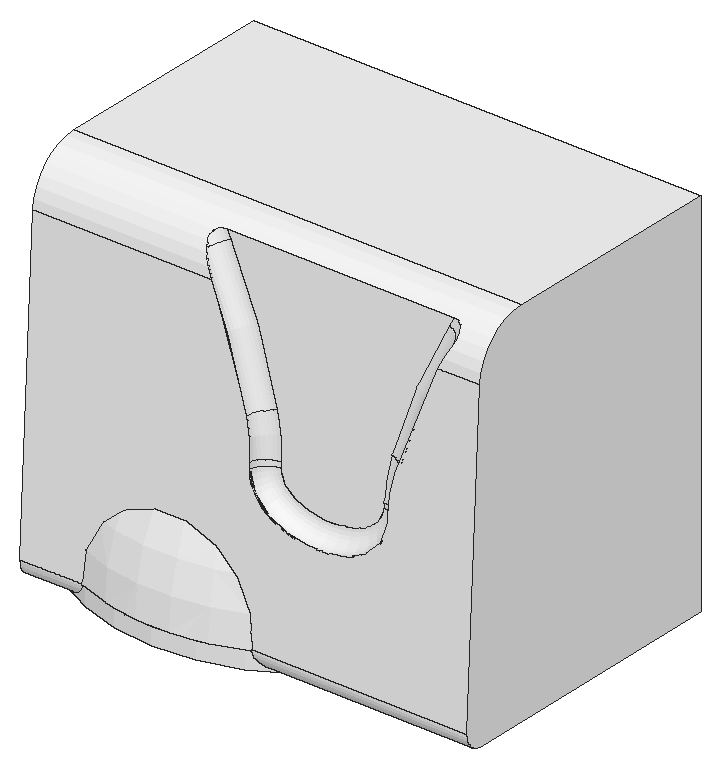
Revit family "Hand Dryer_Metlam_ABS", category Specialty Equipment, Revit 2016
Family settings
  Part Type = Normal
  Round Connector Dimension = Use Diameter
  OmniClass Number = 23.40.20.21.14
  OmniClass Title = Hand and Hair Dryers
  Work Plane-Based = No
  Always vertical = Yes
  Cut with Voids When Loaded = No
  Shared = No
  Room Calculation Point = Yes
Parameters (values of type "260w x 180d x 217h (ML_1800_WHT)")
  Voltage = 240 V
  URL = "http://www.metlam.com.au/"
  Type Comments = "Hand Dryers"  # constant formula
  Model = "ML_1800_WHT"
  Material_ANZRS = z_Metlam_White
  Manufacturer_URL__Product Specific = "https://www.metlam.com.au/product/content/hand-dryers/ML_1800_WHT"
  Manufacturer_Spec Code = Model  # "ML_1800_WHT"
  Manufacturer_Overall Width = 260 mm  # constant formula
  Manufacturer_Overall Height = 217 mm  # constant formula
  Manufacturer_Overall Depth = 180 mm  # constant formula
  Manufacturer_Height From FFL [instance] = 1100 mm
  Manufacturer = "Metlam"  # constant formula
  Description = "Auto Operation ABS Hand Dryer"
  CreatedBy_ANZRS = "IGS BIM Solutions"  # constant formula
  CreatedByURL_ANZRS = "http://www.igsgroup.com.au/"
  Assembly Code = ""
Reference planes
  plane 1 "Back": y = 0
  plane 2 "Ref. Level": z = 0
  plane 3 "Center (Left/Right)": x = 0
  plane 4 "Right": x = 130
  plane 5 "Left": x = -130
  plane 6 "Bottom": z = 1100
  plane 7 "Top": z = 1317
  plane 8 "Front": y = -180
  plane 9 "Air Outlet_Centre (Left/Right)": x = -44.797
  plane 10 "Body_Front": y = -169.462
Forms (mm)
  Extrusion 1, solid, material "z_Metlam_White" <- "Material_ANZRS"
    sketch origin (-44.797, 0, 0) x (0, 0, 1) y (0, -1, 0)
      loop
        line (1288.57, 160.117) -> (1110.523, 169.448)
        arc (1110.523, 169.448) -> (1103.116, 166.716) -> (1100, 159.462) r 10
        line (1100, 159.462) -> (1100, 0) -> (1317, 0) -> (1317, 130.159)
        arc (1317, 130.159) -> (1308.761, 150.809) -> (1288.57, 160.117) r 30
    from -85.203 to 174.797
  Extrusion 2, void
    sketch origin (113.993, -1350.842, 1100) x (0, 1, 0) y (-1, 0, 0)
      loop
        line (1192.213, 123.051) -> (1237.842, 123.051)
        arc (1237.842, 123.051) -> (1239.963, 123.93) -> (1240.842, 126.051) r 3
        line (1240.842, 126.051) -> (1240.842, 191.529)
        arc (1240.842, 191.529) -> (1239.963, 193.65) -> (1237.842, 194.529) r 3
        line (1237.842, 194.529) -> (1192.213, 194.529)
        arc (1192.213, 194.529) -> (1186.272, 192.573) -> (1182.656, 187.471) r 10
        arc (1182.656, 187.471) -> (1178.342, 158.79) -> (1182.656, 130.109) r 97.5
        arc (1182.656, 130.109) -> (1186.272, 125.007) -> (1192.213, 123.051) r 10
    from 0 to 24.378
  Revolve 3, solid, material "z_Metlam_White" <- "Material_ANZRS"
    sketch origin (-44.797, 0, 0) x (0, 0, 1) y (0, 1, 0)
      loop
        line (1100, -60) -> (1100, -180) -> (1110, -180)
        arc (1110, -180) -> (1137.54, -176.619) -> (1163.443, -166.675) r 113.837
        line (1163.443, -166.675) -> (1163.443, -60) -> (1100, -60)
      axis (1100, -60) -> (1163.443, -60)
    angle from 45 to -45
  Sweep 4, void
    path origin (-366.361, -158.838, 1312.984) x (0, -0.052336, -0.99863) y (1, 0, 0)
      loop
        line (-28.458, 323.505) -> (6.646, 342.512)
        arc (6.646, 342.512) -> (44.097, 359.975) -> (83.366, 372.836) r 345
        arc (83.366, 372.836) -> (95.949, 375.288) -> (108.742, 376.109) r 100
        line (108.742, 376.109) -> (111.96, 376.109)
        spline (111.96, 376.109) -> (116.489, 377.132) -> (120.71, 380.129) -> (124.334, 384.896) -> (127.115, 391.109) -> (128.863, 398.345) -> (129.46, 406.109) -> (128.863, 413.874) -> (127.115, 421.109) -> (124.334, 427.323) -> (120.71, 432.09) -> (116.489, 435.087) -> (111.96, 436.109)
        line (111.96, 436.109) -> (108.742, 436.109)
        arc (108.742, 436.109) -> (95.949, 436.931) -> (83.366, 439.383) r 100
        arc (83.366, 439.383) -> (44.097, 452.243) -> (6.646, 469.707) r 345
        line (6.646, 469.707) -> (-28.458, 488.714)
    profile origin (39.749, -165.613, 1183.702) x (0, 0.052336, 0.99863) y (0, -0.99863, 0.052336)
      loop
        arc (0, 10) -> (-10, 0) -> (0, -10) r 10
        line (0, -10) -> (0, 10)
  Extrusion 5, void
    sketch origin (-366.361, -158.838, 1312.984) x (0, 0.052336, 0.99863) y (1, 0, 0)
      loop
        line (-111.96, 376.109) -> (-108.742, 376.109)
        arc (-108.742, 376.109) -> (-95.949, 375.288) -> (-83.366, 372.836) r 100
        arc (-83.366, 372.836) -> (-44.097, 359.975) -> (-6.646, 342.512) r 345
        line (-6.646, 342.512) -> (28.458, 323.505) -> (28.458, 488.714) -> (-6.646, 469.707)
        arc (-6.646, 469.707) -> (-44.097, 452.243) -> (-83.366, 439.383) r 345
        arc (-83.366, 439.383) -> (-95.949, 436.931) -> (-108.742, 436.109) r 100
        line (-108.742, 436.109) -> (-111.96, 436.109)
        spline (-111.96, 436.109) -> (-116.489, 435.086) -> (-120.709, 432.089) -> (-124.334, 427.323) -> (-127.114, 421.108) -> (-128.862, 413.874) -> (-129.46, 406.109) -> (-128.862, 398.345) -> (-127.114, 391.11) -> (-124.334, 384.896) -> (-120.709, 380.13) -> (-116.489, 377.133) -> (-111.96, 376.109)
    from -5 to 10
  Extrusion 6, void
    sketch origin (0, 0, 1100) x (-1, 0, 0) y (0, -1, 0)
      loop
        line (-110, 2) -> (-102.5, 2) -> (-102.5, 8.25)
        arc (-102.5, 8.25) -> (-106.25, 12) -> (-110, 8.25) r 3.75
        line (-110, 8.25) -> (-110, 2)
    from 0 to 10
Cuts and joins
  Extrusion 2, Sweep 4, Extrusion 5, Extrusion 6 cuts Extrusion 1
  Extrusion 2, Extrusion 6 cuts Revolve 3
  joined: Extrusion 1, Revolve 3
Lines and regions (mm)
  Masking region 1
    outline origin (0, 0, 1317) x (-1, 0, 0) y (0, -1, 0)
      loop
        line (130.389, 0) -> (130.389, 169.462) -> (93.97, 169.462)
        arc (93.97, 169.462) -> (44.797, 180) -> (-4.377, 169.462) r 120
        line (-4.377, 169.462) -> (-130, 169.462) -> (-130, 0) -> (130.389, 0)
  symbolic lines, style "Bathroom Fixtures", detail levels medium+fine
    curve 1: line (-93.998, -169.448, 1317) -> (4.404, -169.448, 1317)
  model lines, style "InvisibleLines"
    curve 2: line (0, 0, 1317) -> (0, 0, 0)
Text (mm)
  text "> Contact Manufacturer to confirm feasibility of design variations outside the scope of this Revit Family\n\n\n\nDisclaimer:\n\nDue to ongoing product development and manufacturing evolution, product details are subject to change without notice. Please refer to product technical data sheets on the manufacturer’s website for the most current product information. Please allow a +/- 5mm manufacturing tolerance for dimensions and set-outs shown in product literature." at (779.995, 193.369, 0), in view "Ref. Level_Instruction"
Dimensions and locks
  "Manufacturer_Height From FFL": plane 6 "Bottom" to plane 2 "Ref. Level"
  "Manufacturer_Overall Height": plane 7 "Top" to plane 6 "Bottom"
  "Manufacturer_Overall Width": plane 5 "Left" to plane 4 "Right"
  "Manufacturer_Overall Depth": plane 8 "Front" to plane 1 "Back"
  equal spacing: plane 5 "Left", plane 3 "Center (Left/Right)", plane 4 "Right"
  locked: plane 10 "Body_Front" to plane 1 "Back" at 169.462
  aligned and locked: level to plane 2 "Ref. Level"
  aligned and locked: Extrusion 1 to plane 5 "Left"
  aligned and locked: Extrusion 1 to plane 4 "Right"
Automatic sketch dimensions
  Extrusion 1 sketch curve to plane 6 "Bottom" = 0 mm
  Extrusion 1 sketch curve to plane 1 "Back" = 0 mm
  Extrusion 1 sketch curve to plane 7 "Top" = 0 mm
  Extrusion 1 sketch curve to Extrusion 1 sketch curve = 10 mm
  Extrusion 1 sketch curve to Extrusion 1 sketch curve = 0.523 mm
  plane 7 "Top" to Extrusion 1 sketch curve = 30 mm
  plane 7 "Top" to Extrusion 1 sketch curve = 28.43 mm
  plane 8 "Front" to Extrusion 1 sketch curve = 49.841 mm
  plane 8 "Front" to Extrusion 1 sketch curve = 20.538 mm
  Sweep 4 sketch curve to Extrusion 1 = 17.802 mm  (x2)
  Extrusion 1 to Sweep 4 sketch curve = 84.294 mm  (x2)
  Sweep 4 sketch curve to Sweep 4 sketch curve = 3.217 mm
  Extrusion 1 to Sweep 4 sketch curve = 31.826 mm  (x2)
  Sweep 4 sketch curve to Extrusion 1 = 197.232 mm
  Extrusion 1 to Sweep 4 sketch curve = 39.749 mm
  Extrusion 1 to Sweep 4 sketch curve = 106.151 mm
  Sweep 4 sketch curve to Sweep 4 sketch curve = 3.273 mm
  Sweep 4 sketch curve to Sweep 4 sketch curve = 60 mm
  Extrusion 1 to Sweep 4 sketch curve = 26.654 mm
  Sweep 4 sketch curve to Extrusion 1 = 39.749 mm
  Sweep 4 sketch curve to Sweep 4 sketch curve = 236.981 mm
  Extrusion 1 to Sweep 4 sketch curve = 7.646 mm
  Sweep 4 sketch curve to Sweep 4 sketch curve = 35.105 mm  (x2)
  Sweep 4 sketch curve to Sweep 4 sketch curve = 19.007 mm
  profile plane to Sweep 4 sketch curve = 0 mm
  Sweep 4 sketch curve to profile plane = 0 mm
  Sweep 4 sketch curve to profile plane = 10 mm
  Extrusion 5 sketch curve to Extrusion 1 = 31.826 mm  (x2)
  Extrusion 5 sketch curve to Extrusion 1 = 87.512 mm
  Extrusion 5 sketch curve to Extrusion 5 sketch curve = 3.217 mm  (x2)
  Extrusion 1 to Extrusion 5 sketch curve = 17.802 mm  (x2)
  Extrusion 5 sketch curve to Extrusion 1 = 7.646 mm
  Extrusion 5 sketch curve to Extrusion 5 sketch curve = 35.105 mm
  Extrusion 5 sketch curve to Extrusion 1 = 26.654 mm
  Extrusion 5 sketch curve to Extrusion 1 = 60.251 mm
  Extrusion 5 sketch curve to Extrusion 5 sketch curve = 60 mm
  Extrusion 5 sketch curve to Extrusion 1 = 106.151 mm
  Extrusion 5 sketch curve to Extrusion 5 sketch curve = 19.007 mm
  Extrusion 5 sketch curve to Extrusion 1 = 39.749 mm
  Extrusion 1 to Extrusion 5 sketch curve = 197.232 mm
  Extrusion 1 to Extrusion 5 sketch curve = 39.749 mm
  Extrusion 5 sketch curve to Extrusion 5 sketch curve = 236.981 mm
  Extrusion 2 sketch curve to Extrusion 1 = 0.834 mm  (x2)
  Extrusion 2 sketch curve to Extrusion 1 = 46.462 mm  (x2)
  Extrusion 2 sketch curve to Extrusion 2 sketch curve = 3 mm
  Extrusion 2 sketch curve to Extrusion 2 sketch curve = 35 mm
  Extrusion 2 sketch curve to Extrusion 1 = 120.942 mm
  Extrusion 2 sketch curve to Extrusion 2 sketch curve = 10 mm
  Extrusion 2 sketch curve to Extrusion 2 sketch curve = 32.739 mm
  Extrusion 2 sketch curve to Extrusion 1 = 59.465 mm
  Extrusion 2 sketch curve to Extrusion 2 sketch curve = 7 mm
  Extrusion 2 sketch curve to Extrusion 2 sketch curve = 0 mm
  Revolve 3 sketch curve to plane 6 "Bottom" = 0 mm
  Revolve 3 sketch curve to plane 8 "Front" = 0 mm
  Revolve 3 sketch curve to Revolve 3 sketch curve = 10 mm
  plane 10 "Body_Front" to Revolve 3 sketch curve = 2.787 mm
  Revolve 3 sketch curve to Revolve 3 sketch curve = 53.443 mm
  Revolve 3 sketch curve to Revolve 3 sketch curve = 6.163 mm
  plane 6 "Bottom" to Revolve 3 sketch curve = 35 mm
  Revolve 3 sketch curve to Revolve 3 sketch curve = 46.557 mm
  Revolve 3 sketch curve to Revolve 3 sketch curve = 0 mm
  plane 1 "Back" to Masking region 1 sketch curve = 0 mm
  Masking region 1 sketch curve to plane 4 "Right" = 0 mm
  plane 10 "Body_Front" to Masking region 1 sketch curve = 0 mm  (x2)
  Masking region 1 sketch curve to plane 9 "Air Outlet_Centre (Left/Right)" = 0 mm
  plane 3 "Center (Left/Right)" to Masking region 1 sketch curve = 4.377 mm
  Masking region 1 sketch curve to plane 5 "Left" = 0.389 mm
  plane 1 "Back" to Masking region 1 sketch curve = 60 mm
  plane 1 "Back" to Extrusion 6 sketch curve = 2 mm
  plane 4 "Right" to Extrusion 6 sketch curve = 20 mm
  Extrusion 6 sketch curve to Extrusion 6 sketch curve = 3.75 mm
  Extrusion 6 sketch curve to Extrusion 6 sketch curve = 6.25 mm
  curve 2 to level = 0 mm
  plane 3 "Center (Left/Right)" to curve 2 = 0 mm
  curve 2 to plane 7 "Top" = 0 mm
Connectors
  electrical at (106.25, -5.125, 1100), driven by "Voltage"
    settings: on cut or joined group of Extrusion 1, Extrusion 2, Revolve 3, Sweep 4, Extrusion 5, Extrusion 6, index 1, voltage 240 V, apparent load 0 VA, apparent load phase1 0 VA, apparent load phase2 0 VA, apparent load phase3 0 VA, power factor 1, load classification "Power", number of poles 1, system type 30, power factor state 1, is connector primary yes, connector utility no, sub classification motor no, connector description "Power"
